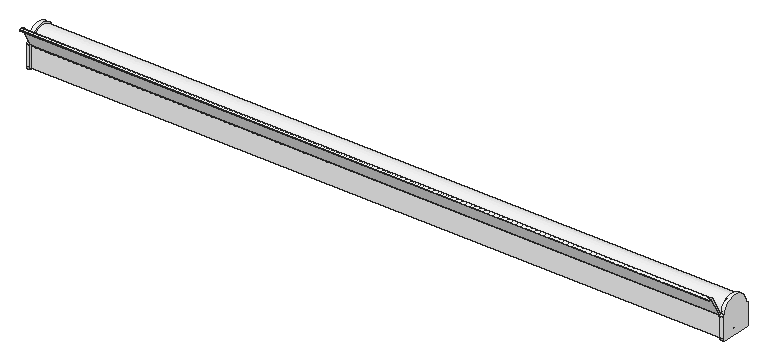
Revit family "0045192+0045236 Feilo Sylvania Lighting Fixture SYLBATTEN LED4 NW DALI TP5 with ASYMMETRIC REFLECTOR ACCESSORY 1500MM", category Lighting Fixtures, host Face, Revit 2017
Family settings
  Host = Face
  Round Connector Dimension = Use Diameter
  Part Type = Normal
  OmniClass Number = 23.80.70.00
  OmniClass Title = Lighting
  Cut with Voids When Loaded = No
  Light Source = Yes
  Shared = No
  Room Calculation Point = No
Parameters (values of type "0045192 SYLBATTEN LED4 NW DALI TP5")
  Width_FEILO = 66 mm
  Weight = "3.044 kg"
  Wattage Comments = "n/a"
  Wattage = 39 W
  WarrantyStartDate [instance] = "n/a"
  WarrantyGuarantorParts = "n/a"
  WarrantyDurationUnit = "n/a"
  WarrantyDurationParts = "n/a"
  WarrantyDescription = "n/a"
  built-in parameter 1150110 = 1 (stored number, unit not read)
  Voltage = 230 V
  URL = "http://www.sylvania-lighting.com"
  TypeName = "SYLBATTEN LED4 NW DALI TP5"
  Type Image = <None>
  Type Comments = "n/a"
  built-in parameter 1114217 = 1 (stored number, unit not read)
  Tilt Angle = -90.00°
  built-in parameter 1150109 = 1 (stored number, unit not read)
  built-in parameter 1150134 = 12
  SymReflector_FEILO = no
  built-in parameter 1150113 = 1 (stored number, unit not read)
  SerialNumber [instance] = "n/a"
  PowerFactor = 0
  PowerConsumption = "39 W"
  Photometric Web File = "0045192+0045236.ies"
  NominalLength = 1505 mm
  NominalHeight = 76 mm
  NominalDepth = 66 mm
  Name = "SYLBATTEN LED4 NW DALI TP5"
  ModelReference = Name  # "SYLBATTEN LED4 NW DALI TP5"
  ModelNumber = "0045192"
  Model = Name  # "SYLBATTEN LED4 NW DALI TP5"
  Material_4_FEILO = Reflector-Sylvania-Sylbatten-White
  Material_3_FEILO = Diffuser-Sylvania-Sylbatten-Glow
  Material_2_FEILO = Body-Sylvania-Sylbatten-White
  Material_1_FEILO = Body-Sylvania-Sylbatten-White
  Material = "sheet steel housing, polycarbonate diffuser"
  ManufacturerName = "Feilo Sylvania"
  Manufacturer = "Feilo Sylvania"
  LuminousEfficacy = "107.4 lm/W"
  built-in parameter 1150105 = 333.35 (stored number, unit not read)
  Lumens = 4188.99 lm
  LuminaireType = ""
  built-in parameter 1150115 = 1 (stored number, unit not read)
  LightOutputRatio = "100"
  built-in parameter 1150137 = (empty or 0)
  built-in parameter 1150139 = (empty or 0)
  Length_FEILO = 1505 mm
  LampsType = Lamp  # "LED"
  LampNominalLuminous = "4189 lm"
  LampMacAdamStep = "n/a"
  LampColourTemperature = "4000 K"
  LampColourRenderingIndex = "80"
  built-in parameter 1150112 = 1 (stored number, unit not read)
  built-in parameter 1150114 = 1 (stored number, unit not read)
  Lamp = "LED"
  Keynote = "16500"
  InstallationDate [instance] = "n/a"
  InputVoltage = "220-240V~"
  InputNominalFrequency = "n/a"
  built-in parameter 1150132 = (empty or 0)
  built-in parameter 1150102 = (empty or 0)
  built-in parameter 1150107 = 4000 (stored number, unit not read)
  built-in parameter 1150138 = (empty or 0)
  IngressProtection = "IP20"
  ImpactProtectionIndex = "IK07"
  built-in parameter 1150106 = 3.3335 (stored number, unit not read)
  IfcExportType = "IfcLightFixtureType"
  IfcExportAs = "IfcLightFixtureType"
  Height_FEILO = 76 mm
  ExpectedLife = 50000
  Emit from Rectangle Width = Length_FEILO - 16 mm  # 1489 mm
  Emit from Rectangle Length = Width_FEILO - 40 mm  # 26 mm
  Emit Shape Visible in Rendering = no
  ElectricShockClassification = "Class I"
  built-in parameter 1150104 = 9.9787 (stored number, unit not read)
  DurationUnit = "hours"
  DocumentationLiterature = "http://www.sylvania-lighting.com/product/en-int/products/0045192"
  DimmingControlOptions = "Dimmable"
  Dimming Lamp Color Temperature Shift = <None>
  Description = "LED batten, T8 replacement, ease of installation through 2 part push-in design of the housing (safety cable included), through wiring capability (TP5 = 5 core), sheet steel, 4189LM, 39W, 107lm/W, 4000K, drive current: 350mA, CRI 80, 138° wide beam angle, DALI dimmable, IP20, IK07, 50,000 hrs (L70), (LxWxH) 1505x66x76mm, 5 step MacAdam ellipse, 3.7kg, white RAL 9016, Class 1, 220-240V, energy class: A++, A+, A."
  Default Elevation = 1219.2 mm
  CreatedOn = "2/22/2018"
  CreatedBy = ""
  Cost = 0
  Color Filter = 16777215
  built-in parameter 1114216 [instance] = (empty or 0)
  ClassificationValue = "EF_70_80"
  ClassificationName = "Uniclass2015"
  CapOffset_FEILO = 2 mm
  BarCode [instance] = "n/a"
  built-in parameter 1114218 = 1 (stored number, unit not read)
  BackReflector_FEILO = and(not(AsymReflector_FEILO), SymReflector_FEILO)  # no
  built-in parameter 1150133 = 10 (stored number, unit not read)
  FrontReflector_FEILO = or(AsymReflector_FEILO, SymReflector_FEILO)  # yes
  AsymReflector_FEILO = yes
  AssetType = "Fixed"
  AssetIdentifier [instance] = "n/a"
  Assembly Code = "D5020200"
  Apparent Load = 39 VA
Reference planes
  plane 1 "Center (Front/Back)": y = 0
  plane 2: z = 0
  plane 3 "Center (Left/Right)": x = 0
  plane 4: x = 752.5
  plane 5: x = -752.5
  plane 6: y = 33
  plane 7: y = -33
  plane 8: z = 76
  plane 9: z = 47
  plane 10: y = -29
  plane 11: y = 29
  plane 12: z = 20
  plane 13: z = 74
  plane 14: y = -31
  plane 15: y = -27
  plane 16: y = 27
  plane 17: y = 31
  plane 18: z = 2
  plane 19: x = -744.5
  plane 20: x = 744.5
  plane 21: z = 49
  plane 22: y = 1
  plane 23: y = -1
  plane 24: z = 21
  plane 25: z = 19
  plane 26: y = -61
  plane 27: y = 61
  plane 28: y = -56
  plane 29: y = 56
  plane 30: z = 91
  plane 31: z = 88
Forms (mm)
  Extrusion 1, solid, material "Body-Sylvania-Sylbatten-White" <- "Material_2_FEILO"
    sketch origin (0, 0, 0) x (0, 1, 0) y (0, 0, 1)
      loop
        line (-31, 2) -> (31, 2) -> (31, 45)
        arc (31, 45) -> (30.414, 46.414) -> (29, 47) r 2
        line (29, 47) -> (27, 47)
        arc (27, 47) -> (0, 74) -> (-27, 47) r 27
        line (-27, 47) -> (-29, 47)
        arc (-29, 47) -> (-30.414, 46.414) -> (-31, 45) r 2
        line (-31, 45) -> (-31, 2)
    from -744.5 to 744.5
  Extrusion 2, solid, material "Body-Sylvania-Sylbatten-White" <- "Material_2_FEILO"
    sketch origin (752.5, 1524, 1219.2) x (0, 1, 0) y (0, 0, 1)
      loop
        arc (-1494, -1219.2) -> (-1491.879, -1218.321) -> (-1491, -1216.2) r 3
        line (-1491, -1216.2) -> (-1491, -1173.2)
        arc (-1491, -1173.2) -> (-1491.879, -1171.079) -> (-1494, -1170.2) r 3
        line (-1494, -1170.2) -> (-1495.069, -1170.2)
        arc (-1495.069, -1170.2) -> (-1524, -1143.2) -> (-1552.931, -1170.2) r 29
        line (-1552.931, -1170.2) -> (-1554, -1170.2)
        arc (-1554, -1170.2) -> (-1556.121, -1171.079) -> (-1557, -1173.2) r 3
        line (-1557, -1173.2) -> (-1557, -1216.2)
        arc (-1557, -1216.2) -> (-1556.121, -1218.321) -> (-1554, -1219.2) r 3
        line (-1554, -1219.2) -> (-1494, -1219.2)
      loop
        arc (-1525, -1189.25) -> (-1531.071, -1192.129) -> (-1533.95, -1198.2) r 10
        line (-1533.95, -1198.2) -> (-1532.944, -1198.2)
        arc (-1532.944, -1198.2) -> (-1530.364, -1192.836) -> (-1525, -1190.256) r 9
        line (-1525, -1190.256) -> (-1525, -1189.25)
      loop
        arc (-1523, -1190.256) -> (-1517.636, -1192.836) -> (-1515.056, -1198.2) r 9
        line (-1515.056, -1198.2) -> (-1514.05, -1198.2)
        arc (-1514.05, -1198.2) -> (-1516.929, -1192.129) -> (-1523, -1189.25) r 10
        line (-1523, -1189.25) -> (-1523, -1190.256)
      loop
        line (-1532.944, -1200.2) -> (-1533.95, -1200.2)
        arc (-1533.95, -1200.2) -> (-1531.071, -1206.271) -> (-1525, -1209.15) r 10
        line (-1525, -1209.15) -> (-1525, -1208.144)
        arc (-1525, -1208.144) -> (-1530.364, -1205.564) -> (-1532.944, -1200.2) r 9
      loop
        arc (-1515.056, -1200.2) -> (-1517.636, -1205.564) -> (-1523, -1208.144) r 9
        line (-1523, -1208.144) -> (-1523, -1209.15)
        arc (-1523, -1209.15) -> (-1516.929, -1206.271) -> (-1514.05, -1200.2) r 10
        line (-1514.05, -1200.2) -> (-1515.056, -1200.2)
    from 0 to -8
  Extrusion 3, solid, material "Body-Sylvania-Sylbatten-White" <- "Material_2_FEILO"
    sketch origin (-752.5, 1524, 1219.2) x (0, 1, 0) y (0, 0, 1)
      loop
        arc (-1495.069, -1170.2) -> (-1524, -1143.2) -> (-1552.931, -1170.2) r 29
        line (-1552.931, -1170.2) -> (-1554, -1170.2)
        arc (-1554, -1170.2) -> (-1556.121, -1171.079) -> (-1557, -1173.2) r 3
        line (-1557, -1173.2) -> (-1557, -1216.2)
        arc (-1557, -1216.2) -> (-1556.121, -1218.321) -> (-1554, -1219.2) r 3
        line (-1554, -1219.2) -> (-1494, -1219.2)
        arc (-1494, -1219.2) -> (-1491.879, -1218.321) -> (-1491, -1216.2) r 3
        line (-1491, -1216.2) -> (-1491, -1173.2)
        arc (-1491, -1173.2) -> (-1491.879, -1171.079) -> (-1494, -1170.2) r 3
        line (-1494, -1170.2) -> (-1495.069, -1170.2)
      loop
        line (-1533.95, -1198.2) -> (-1532.944, -1198.2)
        arc (-1532.944, -1198.2) -> (-1530.364, -1192.836) -> (-1525, -1190.256) r 9
        line (-1525, -1190.256) -> (-1525, -1189.25)
        arc (-1525, -1189.25) -> (-1531.071, -1192.129) -> (-1533.95, -1198.2) r 10
      loop
        line (-1523, -1189.25) -> (-1523, -1190.256)
        arc (-1523, -1190.256) -> (-1517.636, -1192.836) -> (-1515.056, -1198.2) r 9
        line (-1515.056, -1198.2) -> (-1514.05, -1198.2)
        arc (-1514.05, -1198.2) -> (-1516.929, -1192.129) -> (-1523, -1189.25) r 10
      loop
        line (-1514.05, -1200.2) -> (-1515.056, -1200.2)
        arc (-1515.056, -1200.2) -> (-1517.636, -1205.564) -> (-1523, -1208.144) r 9
        line (-1523, -1208.144) -> (-1523, -1209.15)
        arc (-1523, -1209.15) -> (-1516.929, -1206.271) -> (-1514.05, -1200.2) r 10
      loop
        line (-1525, -1209.15) -> (-1525, -1208.144)
        arc (-1525, -1208.144) -> (-1530.364, -1205.564) -> (-1532.944, -1200.2) r 9
        line (-1532.944, -1200.2) -> (-1533.95, -1200.2)
        arc (-1533.95, -1200.2) -> (-1531.071, -1206.271) -> (-1525, -1209.15) r 10
    from 0 to 8
  Extrusion 4, solid, material "Reflector-Sylvania-Sylbatten-White" <- "Material_4_FEILO", visible <- "FrontReflector_FEILO"
    sketch origin (0, 0, 0) x (0, 1, 0) y (0, 0, 1)
      loop
        line (-61.257, 88.429) -> (-60.743, 87.571) -> (-56.621, 90.044)
        arc (-56.621, 90.044) -> (-56.237, 90.099) -> (-55.929, 89.863) r 0.5
        line (-55.929, 89.863) -> (-31.435, 46.753) -> (-30.565, 47.247) -> (-55.312, 90.802)
        arc (-55.312, 90.802) -> (-55.928, 91.275) -> (-56.696, 91.165) r 1
        line (-56.696, 91.165) -> (-61.257, 88.429)
    from -744.5 to 744.5
  Extrusion 5, solid, material "Reflector-Sylvania-Sylbatten-White" <- "Material_4_FEILO", visible <- "BackReflector_FEILO"
    sketch origin (0, 0, 0) x (0, 1, 0) y (0, 0, 1)
      loop
        line (30.565, 47.247) -> (31.435, 46.753) -> (55.932, 89.868)
        arc (55.932, 89.868) -> (56.245, 90.112) -> (56.638, 90.062) r 0.518
        line (56.638, 90.062) -> (61.033, 87.565) -> (61.527, 88.435) -> (56.682, 91.188)
        arc (56.682, 91.188) -> (55.922, 91.282) -> (55.318, 90.812) r 1
        line (55.318, 90.812) -> (30.565, 47.247)
    from -744.5 to 744.5
Lines and regions (mm)
  reference lines
    curve 1: line (0, -61, 88) -> (0, -56, 91)
    curve 2: line (0, -56, 91) -> (0, -31, 47)
    curve 3: line (0, 31, 47) -> (0, 56, 91)
    curve 4: line (0, 56, 91) -> (0, 61.28, 88)
Dimensions and locks
  equal spacing: plane 5, plane 3 "Center (Left/Right)", plane 4
  equal spacing: plane 7, plane 1 "Center (Front/Back)", plane 6
  "Width_FEILO": plane 7 to plane 6
  "Length_FEILO": plane 5 to plane 4
  "Height_FEILO": plane 8 to plane 2
  locked: plane 9 to plane 8 at 29
  equal spacing: plane 10, plane 1 "Center (Front/Back)", plane 11
  locked: plane 7 to plane 10 at 4
  locked: plane 12 to plane 2 at 20
  "CapOffset_FEILO": plane 13 to plane 8
  "CapOffset_FEILO": plane 7 to plane 14
  "CapOffset_FEILO": plane 10 to plane 15
  "CapOffset_FEILO": plane 17 to plane 6
  "CapOffset_FEILO": plane 16 to plane 11
  "CapOffset_FEILO": plane 18 to plane 2
  locked: plane 14 to Extrusion 1 sketch curve at 2
  locked: Extrusion 1 sketch curve to plane 9 at 2  (x2)
  locked: plane 16 to Extrusion 1 sketch curve at 2
  equal spacing: plane 19, plane 3 "Center (Left/Right)", plane 20
  locked: plane 5 to plane 19 at 8
  "CapOffset_FEILO": plane 9 to plane 21
  locked: Extrusion 2 sketch curve to plane 2 at 47
  locked: Extrusion 1 sketch curve to plane 2 at 47
  locked: Extrusion 2 sketch curve to plane 2 at 3  (x2)
  locked: plane 7 to Extrusion 2 sketch curve at 3  (x2)
  locked: Extrusion 2 sketch curve to plane 6 at 3  (x2)
  locked: Extrusion 2 sketch curve to plane 21 at 3  (x2)
  equal spacing: plane 23, plane 1 "Center (Front/Back)", plane 22
  equal spacing: plane 25, plane 12, plane 24
  plane 30 to plane 31 to plane 2 = 3 mm locked, 88 mm locked
  plane 28 to plane 29 = 112 mm
  plane 26 to plane 27 = 122 mm
  aligned and locked: plane 2 to host face
  aligned and locked: level to host face
  aligned and locked: plane 18 to Extrusion 1 sketch curve
  aligned and locked: plane 14 to Extrusion 1 sketch curve
  aligned and locked: Extrusion 1 sketch curve to plane 9  (x2)
  aligned and locked: Extrusion 1 sketch curve to plane 17
  aligned and locked: plane 15 to Extrusion 1 sketch curve
  aligned and locked: plane 16 to Extrusion 1 sketch curve
  aligned and locked: plane 9 to Extrusion 1 sketch curve
  aligned and locked: plane 20 to Extrusion 1
  aligned and locked: level to Extrusion 2 sketch curve
  aligned and locked: Extrusion 2 sketch curve to plane 7
  aligned and locked: plane 21 to Extrusion 2 sketch curve
  aligned and locked: Extrusion 2 sketch curve to plane 21
  aligned and locked: plane 1 "Center (Front/Back)" to Extrusion 2 sketch curve  (x3)
  aligned and locked: Extrusion 2 to Extrusion 1
  aligned and locked: plane 4 to Extrusion 2
  aligned and locked: plane 12 to Extrusion 2 sketch curve  (x2)
  aligned and locked: Extrusion 2 sketch curve to plane 22
  aligned and locked: Extrusion 2 sketch curve to plane 23
  aligned and locked: Extrusion 2 sketch curve to plane 24
  aligned and locked: Extrusion 2 sketch curve to plane 25
  aligned and locked: plane 25 to Extrusion 2 sketch curve
  aligned and locked: plane 22 to Extrusion 2 sketch curve
  aligned and locked: plane 24 to Extrusion 2 sketch curve
  aligned and locked: plane 23 to Extrusion 2 sketch curve  (x2)
  aligned and locked: Extrusion 3 sketch curve to Extrusion 2  (x22)
  aligned and locked: Extrusion 3 to Extrusion 1
  aligned and locked: Extrusion 3 to plane 5
  aligned and locked: plane 19 to Extrusion 3
  aligned and locked: plane 31 to curve 1
  aligned and locked: plane 30 to curve 1
  aligned and locked: plane 14 to curve 2
  aligned and locked: plane 9 to curve 2
  aligned and locked: plane 17 to curve 3
  aligned and locked: plane 30 to curve 3
  aligned and locked: plane 31 to curve 4
  aligned and locked: Extrusion 4 sketch curve to curve 2
  aligned and locked: Extrusion 4 sketch curve to curve 1
  aligned and locked: Extrusion 4 to Extrusion 1
  aligned and locked: Extrusion 1 to Extrusion 4
  aligned and locked: imposter light to plane 1 "Center (Front/Back)"
  aligned and locked: imposter light to plane 3 "Center (Left/Right)"
  aligned and locked: imposter light to plane 13
  aligned and locked: Extrusion 5 sketch curve to curve 4
  aligned and locked: Extrusion 5 sketch curve to curve 3
  aligned and locked: Extrusion 1 to Extrusion 5
  aligned and locked: Extrusion 5 to Extrusion 1
Automatic sketch dimensions
  host sketch curve to host sketch curve = 2438.4 mm  (x2)
  Extrusion 2 sketch curve to Extrusion 2 sketch curve = 0 mm  (x14)
  Extrusion 2 sketch curve to plane 10 = 0.069 mm
  plane 23 to Extrusion 2 sketch curve = 8.95 mm
  Extrusion 2 sketch curve to Extrusion 2 sketch curve = 1.006 mm  (x4)
  Extrusion 2 sketch curve to plane 22 = 7.944 mm
  curve 1 to plane 26 = 0 mm
  curve 2 to plane 28 = 0 mm
  curve 4 to plane 29 = 0 mm
  plane 9 to curve 3 = 0 mm
  plane 26 to Extrusion 4 sketch curve = 0.257 mm
  Extrusion 4 sketch curve to plane 26 = 0.257 mm
  Extrusion 4 sketch curve to plane 30 = 0.165 mm
  plane 28 to Extrusion 4 sketch curve = 0.696 mm
  plane 28 to Extrusion 4 sketch curve = 0.621 mm
  plane 28 to Extrusion 4 sketch curve = 0.364 mm
  plane 28 to Extrusion 4 sketch curve = 0.182 mm
  Extrusion 4 sketch curve to plane 28 = 0.071 mm
  plane 30 to Extrusion 4 sketch curve = 0.198 mm
  Extrusion 4 sketch curve to plane 28 = 0.688 mm
  plane 9 to Extrusion 4 sketch curve = 0.247 mm
  plane 1 "Center (Front/Back)" to Extrusion 4 sketch curve = 31.435 mm
  Extrusion 5 sketch curve to plane 9 = 0.247 mm
  Extrusion 5 sketch curve to plane 1 "Center (Front/Back)" = 30.565 mm
  plane 9 to Extrusion 5 sketch curve = 0.247 mm
  plane 30 to Extrusion 5 sketch curve = 0.188 mm
  plane 29 to Extrusion 5 sketch curve = 0.068 mm
  Extrusion 5 sketch curve to plane 29 = 0.188 mm
  Extrusion 5 sketch curve to plane 29 = 0.382 mm
  Extrusion 5 sketch curve to Extrusion 5 sketch curve = 0.256 mm
  Extrusion 5 sketch curve to plane 30 = 0.188 mm
  Extrusion 5 sketch curve to plane 29 = 0.682 mm
  Extrusion 5 sketch curve to plane 27 = 0.033 mm
  Extrusion 5 sketch curve to plane 27 = 0.527 mm
Connectors
  electrical at (0, 0, 0), driven by "Apparent Load", driven by "PowerFactor", driven by "Voltage"
    settings: index 1, voltage 230 V, apparent load 39 VA, apparent load phase1 0 VA, apparent load phase2 0 VA, apparent load phase3 0 VA, power factor 0, load classification "Lighting", number of poles 1, system type 30, power factor state 1, is connector primary yes, connector utility no, sub classification motor no, connector description ""
